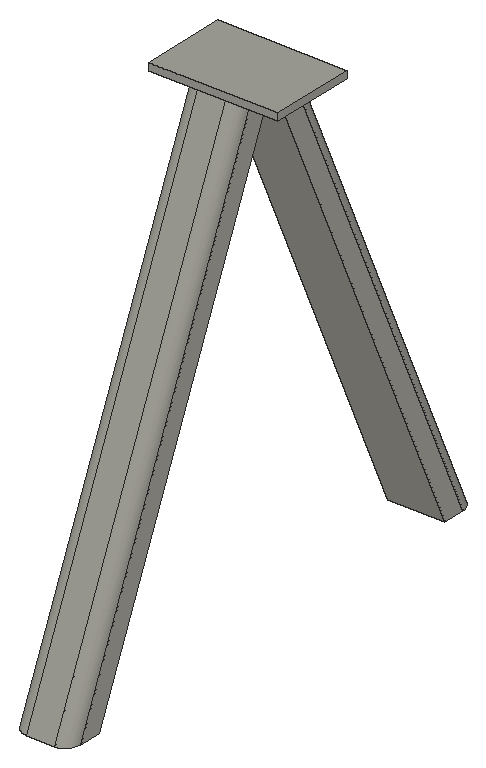
Revit family "Haworth_ComposeBeam_A-Leg", category Furniture Systems, Revit 2018
Family settings
  Round Connector Dimension = Use Diameter
  Part Type = Normal
  OmniClass Number = 23.40.70.14.64.21
  OmniClass Title = Systems Furniture
  Work Plane-Based = No
  Always vertical = Yes
  Cut with Voids When Loaded = No
  Shared = No
  Room Calculation Point = No
Parameters (values of type "A-Leg")
  Warranty = "https://www.haworth.com/resources/product-info/warranties"
  URL - Product = "https://www.haworth.com/products/workspaces/spine-based/compose-beam"
  URL = "http://www.haworth.com/"
  Support Finish = Haworth _ Paint _ Gray Tone
  Size = "Verify Final Dim. w/ Haworth"  # constant formula
  Revision Number = "1"  # constant formula
  Model = "VZLA-1600"  # constant formula
  Min/Max Height = "16 in."  # constant formula
  Manufacturer = "Haworth"  # constant formula
  Description = "Haworth - Compose Beam - A-Leg"  # constant formula
  Author = "Haworth (Hampton)"  # constant formula
  Assembly Code = "E2020200"
  Actual Width = 3"  # constant formula
  Actual Height = 17 1/4"  # constant formula
  Actual Depth = 20"  # constant formula
Reference planes (in)
  plane 1: z = 0
  plane 2 "Center L/R": x = 7.25
  plane 3 "Support Left Edge": x = 5.75
  plane 4 "Support Right Edge": x = 8.75
  plane 5 "Back": y = 7.13569
  plane 6 "Front": y = -12.86431
  plane 7 "Support Top": z = 0.25
  plane 8 "Center F/B": y = -2.86431
  plane 9: z = 0.25
  plane 10: z = 3.04
  plane 11: z = 6.29
Forms (in)
  Extrusion 1, solid, material "Haworth _ Paint _ Gray Tone" <- "Support Finish"
    sketch origin (0, 0, -17) x (1, 0, 0) y (0, 1, 0)
      loop
        line (5.125, -1.36431) -> (5.125, -4.36431) -> (9.625, -4.36431) -> (9.625, -1.36431) -> (5.125, -1.36431)
    from 17 to 17.25
  Blend 2, solid, material "Haworth _ Paint _ Gray Tone" <- "Support Finish"
    base sketch origin (0, 0, -17) x (1, 0, 0) y (0, 1, 0)
      loop
        arc (6.73897, 5.97137) -> (6.38542, 5.82492) -> (6.23897, 5.47137) r 0.5
        line (6.23897, 5.47137) -> (6.23897, 4.68934) -> (8.21569, 4.68934) -> (8.21569, 5.47137)
        arc (8.21569, 5.47137) -> (8.06924, 5.82492) -> (7.71569, 5.97137) r 0.5
        line (7.71569, 5.97137) -> (6.73897, 5.97137)
    top sketch origin (0, 0, 0.25) x (-1, 0, 0) y (0, -1, 0)
      loop
        arc (-6.73897, 1.52863) -> (-6.38542, 1.67508) -> (-6.23897, 2.02863) r 0.5
        line (-6.23897, 2.02863) -> (-6.23897, 2.81066) -> (-8.21569, 2.81066) -> (-8.21569, 2.02863)
        arc (-8.21569, 2.02863) -> (-8.06924, 1.67508) -> (-7.71569, 1.52863) r 0.5
        line (-7.71569, 1.52863) -> (-6.73897, 1.52863)
    from 0 to -0.25
  Blend 3, solid, material "Haworth _ Paint _ Gray Tone" <- "Support Finish"
    base sketch origin (0, -5.72862, -17) x (1, 0, 0) y (0, 1, 0)
      loop
        line (6.73897, -5.97137) -> (7.71569, -5.97137)
        arc (7.71569, -5.97137) -> (8.06924, -5.82492) -> (8.21569, -5.47137) r 0.5
        line (8.21569, -5.47137) -> (8.21569, -4.68934) -> (6.23897, -4.68934) -> (6.23897, -5.47137)
        arc (6.23897, -5.47137) -> (6.38542, -5.82492) -> (6.73897, -5.97137) r 0.5
    top sketch origin (0, -5.72862, 0.25) x (-1, 0, 0) y (0, -1, 0)
      loop
        line (-6.73897, -1.52863) -> (-7.71569, -1.52863)
        arc (-7.71569, -1.52863) -> (-8.06924, -1.67508) -> (-8.21569, -2.02863) r 0.5
        line (-8.21569, -2.02863) -> (-8.21569, -2.81066) -> (-6.23897, -2.81066) -> (-6.23897, -2.02863)
        arc (-6.23897, -2.02863) -> (-6.38542, -1.67508) -> (-6.73897, -1.52863) r 0.5
    from 0 to -0.25
Lines and regions (in)
  Masking region 1
    outline origin (0, 0, -17) x (1, 0, 0) y (0, 1, 0)
      loop
        line (5.125, -1.36431) -> (5.125, -4.36431) -> (9.625, -4.36431) -> (9.625, -1.36431) -> (5.125, -1.36431)
  symbolic lines, style "Haworth Hidden", detail levels fine
    curve 1: line (5.75, 7.13569, -17) -> (8.75, 7.13569, -17)
    curve 2: line (5.75, -12.86431, -17) -> (5.75, 7.13569, -17)
    curve 3: line (8.75, -12.86431, -17) -> (5.75, -12.86431, -17)
    curve 4: line (8.75, 7.13569, -17) -> (8.75, -12.86431, -17)
  symbolic lines, style "Haworth Hidden"
    curve 5: line (8.125, -1.86431, -17) -> (6.375, -1.86431, -17)
    curve 6: line (6.25, -1.98931, -17) -> (6.25, -3.73931, -17)
    curve 7: line (6.375, -3.86431, -17) -> (8.125, -3.86431, -17)
    curve 8: line (8.25, -3.73931, -17) -> (8.25, -1.98931, -17)
Dimensions and locks (in)
  equal spacing: plane 3 "Support Left Edge", plane 2 "Center L/R", plane 4 "Support Right Edge"
  equal spacing: plane 5 "Back", plane 8 "Center F/B", plane 6 "Front"
  "Actual Height": plane 7 "Support Top" to level
  plane 9 to level = 17 1/4"
  aligned and locked: plane 7 "Support Top" to Extrusion 1
  aligned: Extrusion 1 to level
  aligned and locked: Extrusion 1 to plane 7 "Support Top"
  aligned and locked: Extrusion 1 to plane 1
  aligned and locked: plane 1 to Extrusion 1
Automatic sketch dimensions
  plane 3 "Support Left Edge" to Extrusion 1 sketch curve = 5/8"
  plane 4 "Support Right Edge" to Extrusion 1 sketch curve = 7/8"
  Extrusion 1 sketch curve to plane 8 "Center F/B" = 1 1/2"
  plane 8 "Center F/B" to Extrusion 1 sketch curve = 1 1/2"
  plane 3 "Support Left Edge" to Masking region 1 sketch curve = 5/8"
  plane 4 "Support Right Edge" to Masking region 1 sketch curve = 7/8"
  Masking region 1 sketch curve to plane 8 "Center F/B" = 1 1/2"
  plane 8 "Center F/B" to Masking region 1 sketch curve = 1 1/2"
  Blend 2 sketch curve to plane 3 "Support Left Edge" = 0.48897"  (x2)
  Blend 2 sketch curve to Blend 2 sketch curve = 1/2"
  plane 2 "Center L/R" to Blend 2 sketch curve = 0.46569"  (x2)
  Blend 2 sketch curve to plane 4 "Support Right Edge" = 0.53431"  (x2)
  Blend 2 sketch curve to plane 5 "Back" = 2.44635"
  Blend 2 sketch curve to Blend 2 sketch curve = 0.78203"
  plane 8 "Center F/B" to Blend 2 sketch curve = 0.05365"
  Blend 2 sketch curve to plane 2 "Center L/R" = 0.51103"
  plane 8 "Center F/B" to Blend 2 sketch curve = 0.83568"
  plane 3 "Support Left Edge" to Blend 3 sketch curve = 0.48897"  (x2)
  Blend 3 sketch curve to Blend 3 sketch curve = 1/2"
  Blend 3 sketch curve to plane 2 "Center L/R" = 0.46569"  (x2)
  plane 4 "Support Right Edge" to Blend 3 sketch curve = 0.53431"  (x2)
  Blend 3 sketch curve to plane 6 "Front" = 2.44635"
  Blend 3 sketch curve to Blend 3 sketch curve = 0.78203"
  plane 8 "Center F/B" to Blend 3 sketch curve = 0.05365"
  plane 2 "Center L/R" to Blend 3 sketch curve = 0.51103"
  plane 8 "Center F/B" to Blend 3 sketch curve = 0.83568"
  curve 1 to plane 3 "Support Left Edge" = 0"
  curve 1 to plane 4 "Support Right Edge" = 0"
  curve 4 to plane 6 "Front" = 0"
  curve 2 to plane 5 "Back" = 0"
  curve 6 to plane 3 "Support Left Edge" = 1/2"
  curve 6 to curve 5 = 1/8"  (x2)
  curve 6 to curve 7 = 1/8"
  curve 5 to plane 4 "Support Right Edge" = 5/8"
  curve 7 to plane 4 "Support Right Edge" = 5/8"
  curve 7 to curve 8 = 1/8"  (x2)
  curve 7 to plane 8 "Center F/B" = 1"
  curve 7 to curve 6 = 1/8"
  plane 8 "Center F/B" to curve 6 = 7/8"
  plane 8 "Center F/B" to curve 8 = 7/8"
